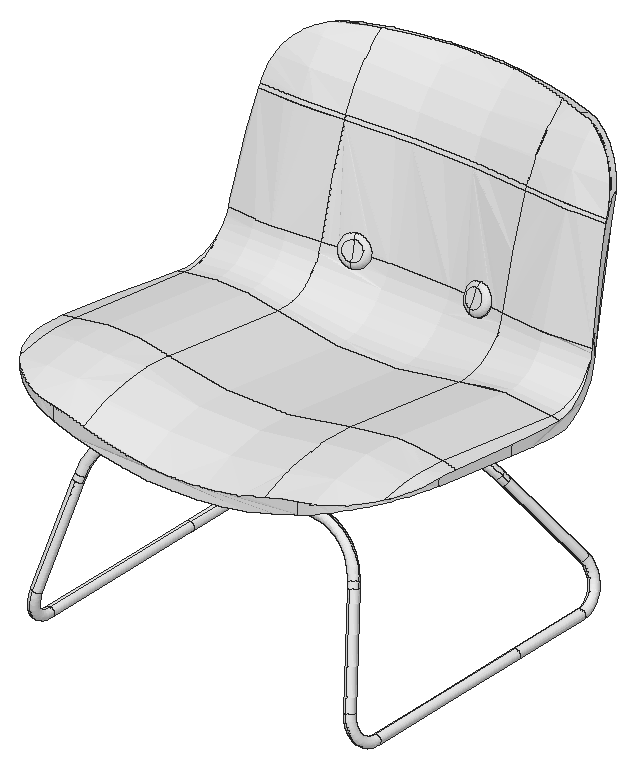
Revit family "HighTower_Eyes_Lounge_Sled", category Furniture, Revit 2015
Parameters
  Width = 2' - 1 1/2"  # constant formula
  URL = "www.hightoweraccess.com"
  Seat Height = 1' - 3 1/4"  # constant formula
  Product URL = "http://www.hightoweraccess.com/product/Eyes-Lounge/"
  Model = "EJ300S"
  Manufacturer = "HighTower"
  Height = 2' - 4 1/2"  # constant formula
  Description = "Eyes, Lounge, Sled"
  Depth = 2' - 4 1/2"  # constant formula
  Upholstery [instance] = Furniture - HIGH TOWER - Eyes - Upholstery
  Leg [instance] = Furniture - HIGH TOWER - Eyes - Leg
  Assembly Description = "Furniture & Accessories"
  Assembly Code = "E2020200"
Reference planes (in)
  plane 1 "Center Front/Back": y = -0.7524
  plane 2: z = 0
  plane 3 "Center Left/Right": x = 0
  plane 4: x = -10
  plane 5: x = 10
  plane 6 "t": z = 32.5
  plane 7: y = -12.5024
  plane 8: y = 10.9976
  plane 9: z = 18
  plane 10: y = -5.07893
  plane 11: through (0, -15.33394, 47.37114) normal (0, 0.9781, -0.2079)
  plane 12: x = -11
  plane 13: through (-11.04731, -180, 0.25736) normal (-0.9312, 0, 0.3646)
Forms (in)
  Sweep 1, solid, material "Furniture - HIGH TOWER - Eyes - Leg" <- "Leg"
    path origin (-10.68004, 0, 2.04657) x (0, 1, 0) y (0.201078, 0, 0.979575)
      loop
        line (2.7476, -1.82652) -> (-9.07, -1.82652)
        arc (-9.07, -1.82652) -> (-10.4705, -1.12061) -> (-10.7361, 0.42508) r 1.74222
        line (-10.7361, 0.42508) -> (-8.77932, 6.82542)
    profile origin (-11.04731, -3.1612, 0.25736) x (-0.201078, 0, -0.979575) y (0.979575, 0, -0.201078)
      loop
        circle (0, 0) r 0.3125
  Sweep 2, solid, material "Furniture - HIGH TOWER - Eyes - Leg" <- "Leg"
    path origin (-10.37077, 0, 1.95396) x (0, 1, 0) y (0.370396, 0, 0.928874)
      loop
        line (5.86122, 6.82542) -> (9.72443, 0.8766)
        arc (9.72443, 0.8766) -> (9.79469, -0.91155) -> (8.25676, -1.82652) r 1.75
        line (8.25676, -1.82652) -> (2.7476, -1.82652)
    profile origin (-11.04731, 5.50218, 0.25736) x (-0.370396, 0, -0.928874) y (0.928874, 0, -0.370396)
      loop
        circle (0, 0) r 0.3125
  Sweep 3, solid, material "Furniture - HIGH TOWER - Eyes - Leg" <- "Leg"
    path origin (10.37077, 0, 1.95396) x (0, 1, 0) y (0.370396, 0, -0.928874)
      loop
        line (5.86122, -6.82542) -> (9.72443, -0.8766)
        arc (9.72443, -0.8766) -> (9.79469, 0.91155) -> (8.25676, 1.82652) r 1.75
        line (8.25676, 1.82652) -> (2.7476, 1.82652)
    profile origin (11.04731, 5.50218, 0.25736) x (-0.370396, 0, 0.928874) y (-0.928874, 0, -0.370396)
      loop
        circle (0, 0) r 0.3125
  Sweep 4, solid, material "Furniture - HIGH TOWER - Eyes - Leg" <- "Leg"
    path origin (10.68004, 0, 2.04657) x (0, 1, 0) y (0.201078, 0, -0.979575)
      loop
        line (2.7476, 1.82652) -> (-9.07, 1.82652)
        arc (-9.07, 1.82652) -> (-10.4705, 1.12061) -> (-10.7361, -0.42508) r 1.74222
        line (-10.7361, -0.42508) -> (-8.77932, -6.82542)
    profile origin (11.04731, -3.1612, 0.25736) x (-0.201078, 0, 0.979575) y (-0.979575, 0, -0.201078)
      loop
        circle (0, 0) r 0.3125
  Sweep 5, solid, material "Furniture - HIGH TOWER - Eyes - Leg" <- "Leg"
    path origin (0, -11.32443, 0.23311) x (-1, 0, 0) y (0, 0.286859, 0.957973)
      loop
        line (-9.30919, 8.87737) -> (-9.22821, 9.27188)
        arc (-9.22821, 9.27188) -> (-8.0118, 11.28041) -> (-5.7997, 12.0681) r 3.5
        line (-5.7997, 12.0681) -> (5.7997, 12.0681)
        arc (5.7997, 12.0681) -> (8.0118, 11.28041) -> (9.22821, 9.27188) r 3.5
        line (9.22821, 9.27188) -> (9.30919, 8.87737)
    profile origin (0, -7.86259, 11.79403) x (0, 0.286859, 0.957973) y (0, 0.957973, -0.286859)
      loop
        circle (0, 0) r 0.3125
  Sweep 6, solid, material "Furniture - HIGH TOWER - Eyes - Leg" <- "Leg"
    path origin (0, 10.69711, 1.37332) x (-1, 0, 0) y (0, -0.573004, 0.819552)
      loop
        line (-7.84267, 8.44278) -> (-7.66239, 8.99442)
        arc (-7.66239, 8.99442) -> (-6.57209, 10.49106) -> (-4.8108, 11.0625) r 3
        line (-4.8108, 11.0625) -> (4.8108, 11.0625)
        arc (4.8108, 11.0625) -> (6.57209, 10.49106) -> (7.66239, 8.99442) r 3
        line (7.66239, 8.99442) -> (7.84267, 8.44278)
    profile origin (0, 4.35825, 10.43961) x (0, -0.573004, 0.819552) y (0, 0.819552, 0.573004)
      loop
        circle (0, 0) r 0.3125
Cuts and joins
  joined: Sweep 1, Sweep 2
  joined: Sweep 3, Sweep 4
Dimensions and locks (in)
  equal spacing: plane 4, plane 3 "Center Left/Right", plane 5
  equal spacing: plane 8, plane 1 "Center Front/Back", plane 7
Automatic sketch dimensions
  plane 7 to Sweep 1 sketch curve = 0' - 1.7663"
  Sweep 1 sketch curve to Sweep 1 sketch curve = 0' - 1.6661"
  plane 10 to Sweep 1 sketch curve = 0' - 3.70038"
  Sweep 1 sketch curve to plane 1 "Center Front/Back" = 0' - 3 1/2"
  Sweep 1 sketch curve to Sweep 1 sketch curve = 0' - 1.74222"
  Sweep 1 sketch curve to Sweep 1 sketch curve = 0' - 6.40034"
  Sweep 1 sketch curve to profile plane = 0' - 0"  (x2)
  Sweep 2 sketch curve to plane 1 "Center Front/Back" = 0' - 3 1/2"
  Sweep 2 sketch curve to plane 8 = 0' - 5.13638"
  Sweep 2 sketch curve to plane 8 = 0' - 2.74084"
  Sweep 2 sketch curve to plane 8 = 0' - 1.27317"
  Sweep 2 sketch curve to Sweep 2 sketch curve = 0' - 1 3/4"
  Sweep 2 sketch curve to Sweep 2 sketch curve = 0' - 5.94882"
  Sweep 2 sketch curve to profile plane = 0' - 0"  (x2)
  Sweep 3 sketch curve to plane 1 "Center Front/Back" = 0' - 3 1/2"
  Sweep 3 sketch curve to plane 8 = 0' - 5.13638"
  Sweep 3 sketch curve to plane 8 = 0' - 2.74084"
  Sweep 3 sketch curve to plane 8 = 0' - 1.27317"
  Sweep 3 sketch curve to Sweep 3 sketch curve = 0' - 5.94882"
  Sweep 3 sketch curve to Sweep 3 sketch curve = 0' - 0 61/64"
  Sweep 3 sketch curve to profile plane = 0' - 0"
  profile plane to Sweep 3 sketch curve = 0' - 0"
  plane 7 to Sweep 4 sketch curve = 0' - 1.7663"
  Sweep 4 sketch curve to Sweep 4 sketch curve = 0' - 1.6661"
  plane 10 to Sweep 4 sketch curve = 0' - 3.70038"
  Sweep 4 sketch curve to plane 1 "Center Front/Back" = 0' - 3 1/2"
  Sweep 4 sketch curve to Sweep 4 sketch curve = 0' - 6.40034"
  Sweep 4 sketch curve to Sweep 4 sketch curve = 0' - 0.50938"
  Sweep 4 sketch curve to profile plane = 0' - 0"
  profile plane to Sweep 4 sketch curve = 0' - 0"
  profile plane to Sweep 6 sketch curve = 0' - 0"
  Sweep 6 sketch curve to profile plane = 0' - 0"
  plane 5 to Sweep 6 sketch curve = 0' - 2.15733"
  Sweep 6 sketch curve to Sweep 6 sketch curve = 0' - 0.18028"  (x2)
  Sweep 6 sketch curve to Sweep 6 sketch curve = 0' - 2.85158"
  Sweep 6 sketch curve to plane 3 "Center Left/Right" = 0' - 4.8108"
  plane 4 to Sweep 6 sketch curve = 0' - 2.33761"
  Sweep 6 sketch curve to Sweep 6 sketch curve = 0' - 0"
  Sweep 6 sketch curve to Sweep 6 sketch curve = 0' - 0.38028"  (x2)
  Sweep 6 sketch curve to Sweep 6 sketch curve = 0' - 0.55164"
  plane 5 to Sweep 5 sketch curve = 0' - 0.69081"
  Sweep 5 sketch curve to Sweep 5 sketch curve = 0' - 0.08098"  (x2)
  plane 5 to Sweep 5 sketch curve = 0' - 4.2003"
  plane 4 to Sweep 5 sketch curve = 0' - 4.2003"
  plane 4 to Sweep 5 sketch curve = 0' - 0.77179"
  Sweep 5 sketch curve to Sweep 5 sketch curve = 0' - 0"
  Sweep 5 sketch curve to Sweep 5 sketch curve = 0' - 0.30927"  (x2)
  Sweep 5 sketch curve to Sweep 5 sketch curve = 0' - 0.3945"
  profile plane to Sweep 5 sketch curve = 0' - 0"  (x2)
  radius of Sweep 1 sketch curve = 0' - 0 5/16"
  radius of Sweep 2 sketch curve = 0' - 0 5/16"
  radius of Sweep 3 sketch curve = 0' - 0 5/16"
  radius of Sweep 4 sketch curve = 0' - 0 5/16"
  radius of Sweep 6 sketch curve = 0' - 0 5/16"
  radius of Sweep 5 sketch curve = 0' - 0 5/16"
Nested families (in)
  nested 1: "HighTower_Eyes_Seat2" at (0, 2.5, -4.35362), Body <- "Upholstery", type "HighTower_Eyes_Seat2"
    with Top none, Leg none, Body Furniture - HIGH TOWER - Eyes - Upholstery
Definition of nested family "HighTower_Eyes_Seat2"
  Parameters
    Width = 1' - 8"  # constant formula
    URL = "www.hightoweraccess.com"
    Top [instance] = none
    Product URL = ""
    Model = ""
    Manufacturer = "HighTower"
    Height = 2' - 8 1/2"  # constant formula
    Description = ""
    Depth = 1' - 11 1/2"  # constant formula
    Body [instance] = none
    Leg [instance] = none
    Assembly Description = ""
    Assembly Code = ""
  Reference planes (in)
    plane 1 "Center Front/Back": y = -0.7524
    plane 2: z = 0
    plane 3 "Center Left/Right": x = 0
    plane 4: x = -10
    plane 5: x = 10
    plane 6 "t": z = 32.5
    plane 7: y = -12.5024
    plane 8: y = 10.9976
    plane 9: z = 18
    plane 10: y = -5.07893
    plane 11: through (0, -15.33394, 47.37114) normal (0, 0.9781, -0.2079)
    plane 12: through (0, 27.09833, 11.38849) normal (0, 0.9998, -0.0175)
    plane 13: through (0, 3.33033, 11.01349) normal (0, 0.9998, -0.0175)
    plane 14: through (0, 1.64402, 17.17622) normal (0, 0.9986, -0.0523)
  Forms (in)
    Extrusion 1, solid, material <- "Body"
      sketch origin (0, 0, 0) x (0, 1, 0) y (0, 0, 1)
        loop
          line (15.7923, 35.87616) -> (-15.44415, 35.87616) -> (-15.44415, 11.74825) -> (15.7923, 11.74825) -> (15.7923, 35.87616)
      from -14.39295 to 14.41889
    Extrusion 2, void
      sketch origin (0, 0, 0) x (0, 1, 0) y (0, 0, 1)
        loop
          line (15.28202, 24.79873) -> (6.78196, 9.46422) -> (18.03196, 9.46422) -> (18.03196, 24.21422) -> (15.28202, 24.79873)
      from -15.42884 to 12
    Revolve 3, solid, material <- "Body"
      sketch origin (-1.44054, -0.30272, 0.37236) x (-0.258819, 0.965926, 0) y (0, 0, 1)
        loop
          line (6.14548, 20.43432) -> (6.45209, 21.23308) -> (6.33539, 21.27788)
          arc (6.33539, 21.27788) -> (6.23975, 21.27537) -> (6.1739, 21.20598) r 0.125
          line (6.1739, 21.20598) -> (5.91208, 20.52392) -> (6.14548, 20.43432)
        axis (6.14548, 20.43432) -> (5.91208, 20.52392)
      angle from 0 to 360
    Revolve 4, solid, material <- "Body"
      sketch origin (1.44054, -0.30272, 0.37236) x (0.258819, 0.965926, 0) y (0, 0, -1)
        loop
          line (6.14548, -20.43432) -> (5.91208, -20.52392) -> (6.1739, -21.20598)
          arc (6.1739, -21.20598) -> (6.23975, -21.27537) -> (6.33539, -21.27788) r 0.125
          line (6.33539, -21.27788) -> (6.45209, -21.23308) -> (6.14548, -20.43432)
        axis (6.14548, -20.43432) -> (5.91208, -20.52392)
      angle from 0 to 360
    Blend 5, void
      base sketch origin (0, -13.91157, 6.8433) x (-1, 0, 0) y (0, 0.34202, 0.939693)
        loop
          line (14.95504, 25.12861) -> (14.95504, 34.15488) -> (-14.95504, 34.15488) -> (-14.95504, 25.12861) -> (-11.82637, 25.12861) -> (-11.53729, 27.87897)
          arc (-11.53729, 27.87897) -> (-10.28687, 30.54704) -> (-7.65377, 31.86951) r 4.5
          arc (-7.65377, 31.86951) -> (0, 32.375) -> (7.65377, 31.86951) r 58.19662
          arc (7.65377, 31.86951) -> (10.28687, 30.54704) -> (11.53729, 27.87897) r 4.5
          line (11.53729, 27.87897) -> (11.82637, 25.12861) -> (14.95504, 25.12861)
      top sketch origin (0, -13.91157, 6.8433) x (-1, 0, 0) y (0, 0.34202, 0.939693)
        loop
          line (15.43541, 24.89585) -> (15.43541, 34.21205) -> (-15.43541, 34.21205) -> (-15.43541, 24.89585) -> (-12.20624, 24.89585) -> (-11.90788, 27.73456)
          arc (-11.90788, 27.73456) -> (-10.6173, 30.48833) -> (-7.89961, 31.85327) r 4.64454
          arc (-7.89961, 31.85327) -> (0, 32.375) -> (7.89961, 31.85327) r 60.06595
          arc (7.89961, 31.85327) -> (10.6173, 30.48833) -> (11.90788, 27.73456) r 4.64454
          line (11.90788, 27.73456) -> (12.20624, 24.89585) -> (15.43541, 24.89585)
      from 9.38297 to 18.25537
    Sweep 6, void
      path origin (0, 25.3894, -6.01498) x (0, 0.999391, 0.034899) y (0, -0.034899, 0.999391)
        loop
          line (12.84328, 44.54806) -> (8.54287, 33.3451)
          arc (8.54287, 33.3451) -> (7.46129, 30.16834) -> (6.62638, 26.91803) r 43.75
          arc (6.62638, 26.91803) -> (4.10818, 23.2065) -> (-0.27983, 22.27796) r 6
          line (-0.27983, 22.27796) -> (-14.92437, 24.86019)
      profile origin (0, 24.33225, 16.23965) x (0, -0.139173, -0.990268) y (1, 0, 0)
        loop
          line (-4.10364, -16.80238) -> (9.21634, -16.80238) -> (9.21634, 16.57672) -> (-4.10364, 16.57672)
          arc (-4.10364, 16.57672) -> (1.14562, -0.11283) -> (-4.10364, -16.80238) r 29.15606
    Sweep 7, void
      path origin (0, 1.6214, -6.38998) x (0, 0.999391, 0.034899) y (0, -0.034899, 0.999391)
        loop
          line (12.84328, 44.54806) -> (8.54287, 33.3451)
          arc (8.54287, 33.3451) -> (7.46129, 30.16834) -> (6.62638, 26.91803) r 43.75
          arc (6.62638, 26.91803) -> (4.10818, 23.2065) -> (-0.27983, 22.27796) r 6
          line (-0.27983, 22.27796) -> (-10.13202, 24.01517)
          arc (-10.13202, 24.01517) -> (-12.58987, 24.5376) -> (-15.00529, 25.23021) r 36
          line (-15.00529, 25.23021) -> (-23.31052, 27.92875)
      profile origin (0, 0.56426, 15.86465) x (0, -0.139173, -0.990268) y (1, 0, 0)
        loop
          line (-4.69054, -16.80238) -> (9.21634, -16.80238) -> (9.21634, 16.57672) -> (-4.69054, 16.57672)
          arc (-4.69054, 16.57672) -> (1.14562, -0.11283) -> (-4.69054, -16.80238) r 26.78144
    Sweep 8, void
      path origin (0, -0.67124, -0.15701) x (0, 1, 0) y (0, 0, 1)
        loop
          line (22.68571, 33.80561) -> (15.46927, 33.17425)
          arc (15.46927, 33.17425) -> (11.35199, 31.59378) -> (8.69787, 28.07164) r 8
          line (8.69787, 28.07164) -> (8.5928, 27.79793)
          arc (8.5928, 27.79793) -> (7.51065, 24.61925) -> (6.67547, 21.36695) r 43.75
          arc (6.67547, 21.36695) -> (5.0529, 18.93077) -> (2.20566, 18.25186) r 4
          line (2.20566, 18.25186) -> (-7.00441, 19.55454)
          arc (-7.00441, 19.55454) -> (-13.17534, 18.80099) -> (-18.1411, 15.06074) r 12
          line (-18.1411, 15.06074) -> (-18.9493, 14.02629)
      profile origin (0, 1.53442, 18.09485) x (0, -0.140046, -0.990145) y (1, 0, 0)
        loop
          line (-0.10979, -16.12158) -> (-0.82831, -12.4467)
          arc (-0.82831, -12.4467) -> (-1.10445, -9.28873) -> (-0.71077, -6.14325) r 15
          arc (-0.71077, -6.14325) -> (0, 0.0012) -> (-0.71132, 6.14559) r 26.90374
          arc (-0.71132, 6.14559) -> (-1.10427, 9.24173) -> (-0.84802, 12.35217) r 15
          line (-0.84802, 12.35217) -> (0.24144, 18.12842) -> (-3.23771, 18.12842) -> (-3.23771, -16.12158) -> (-0.10979, -16.12158)
    Extrusion 9, void
      sketch origin (0, 0, 0) x (0, 1, 0) y (0, 0, 1)
        loop
          line (14.80415, 36.86671) -> (-17.02645, 36.86671) -> (-17.02645, 21.86671) -> (-24.57537, 21.86671) -> (2.64234, 19.96346) -> (6.6974, 31.10466) -> (9.42925, 34.36035) -> (14.80415, 36.86671)
      from -18.48946 to 17.71825
    Blend 10, void
      base sketch origin (0, 0, 32.5) x (-1, 0, 0) y (0, -1, 0)
        loop
          line (12.92842, 9.33334) -> (12.77705, 3.19225)
          arc (12.77705, 3.19225) -> (12.51032, -0.81391) -> (11.90973, -4.78377) r 48
          line (11.90973, -4.78377) -> (10.70188, -10.9976) -> (17.17727, -10.9976) -> (17.17727, 18.76875) -> (-17.17727, 18.76875) -> (-17.17727, -10.9976) -> (-10.70188, -10.9976) -> (-11.90973, -4.78377)
          arc (-11.90973, -4.78377) -> (-12.51032, -0.81391) -> (-12.77705, 3.19225) r 48
          line (-12.77705, 3.19225) -> (-12.92842, 9.33334)
          arc (-12.92842, 9.33334) -> (-11.54953, 13.01086) -> (-8.00504, 14.70264) r 5.25
          arc (-8.00504, 14.70264) -> (0, 14.95067) -> (8.00504, 14.70264) r 129.30268
          arc (8.00504, 14.70264) -> (11.54953, 13.01086) -> (12.92842, 9.33334) r 5.25
      top sketch origin (0, 0, 32.5) x (-1, 0, 0) y (0, -1, 0)
        loop
          line (13.73645, 8.98226) -> (13.57561, 2.45735)
          arc (13.57561, 2.45735) -> (13.29222, -1.7992) -> (12.65409, -6.01717) r 51
          line (12.65409, -6.01717) -> (11.37075, -12.61937) -> (18.25085, -12.61937) -> (18.25085, 19.00738) -> (-18.25085, 19.00738) -> (-18.25085, -12.61937) -> (-11.37075, -12.61937) -> (-12.65409, -6.01717)
          arc (-12.65409, -6.01717) -> (-13.29222, -1.7992) -> (-13.57561, 2.45735) r 51
          line (-13.57561, 2.45735) -> (-13.73645, 8.98226)
          arc (-13.73645, 8.98226) -> (-12.27137, 12.88963) -> (-8.50535, 14.68714) r 5.57813
          arc (-8.50535, 14.68714) -> (0, 14.95067) -> (8.50535, 14.68714) r 137.38409
          arc (8.50535, 14.68714) -> (12.27137, 12.88963) -> (13.73645, 8.98226) r 5.57813
      from 5.49375 to -28.62831
    Revolve 11, solid, material <- "Body"
      sketch origin (-2.74993, 1.81198, -0.38436) x (-0.224951, 0.969032, 0.101849) y (0, -0.104528, 0.994522)
        loop
          line (6.51714, 21.11066) -> (6.97113, 22.00167) -> (6.78954, 22.0942)
          arc (6.78954, 22.0942) -> (6.50341, 22.11672) -> (6.28517, 21.93032) r 0.375
          line (6.28517, 21.93032) -> (6.00142, 21.37344) -> (6.51714, 21.11066)
        axis (6.51714, 21.11066) -> (6.00142, 21.37344)
      angle from 0 to 360
    Revolve 12, solid, material <- "Body"
      sketch origin (2.74993, 1.81198, -0.38436) x (0.224951, 0.969032, 0.101849) y (0, 0.104528, -0.994522)
        loop
          line (6.51714, -21.11066) -> (6.00142, -21.37344) -> (6.28517, -21.93032)
          arc (6.28517, -21.93032) -> (6.50341, -22.11672) -> (6.78954, -22.0942) r 0.375
          line (6.78954, -22.0942) -> (6.97113, -22.00167) -> (6.51714, -21.11066)
        axis (6.51714, -21.11066) -> (6.00142, -21.37344)
      angle from 0 to 360
  Cuts and joins
    Extrusion 2, Blend 5, Sweep 6, Sweep 7, Sweep 8, Extrusion 9, Blend 10 cuts Extrusion 1
    Blend 5, Sweep 6, Sweep 7, Sweep 8, Extrusion 9, Blend 10 cuts Revolve 3
    Blend 5, Sweep 6, Sweep 7, Sweep 8, Extrusion 9, Blend 10 cuts Revolve 4
    joined: Extrusion 1, Revolve 3, Revolve 4, Revolve 11, Revolve 12
  Lines and regions (in)
    Masking region 1
      outline origin (0, -4.62978, 0) x (-1, 0, 0) y (0, 0, 1)
        loop
          line (12.29027, 20.14808) -> (11.60968, 27.92722)
          arc (11.60968, 27.92722) -> (10.2054, 30.90282) -> (7.20441, 32.25199) r 4.75
          arc (7.20441, 32.25199) -> (0, 32.5) -> (-7.20441, 32.25199) r 104.76268
          arc (-7.20441, 32.25199) -> (-10.2054, 30.90282) -> (-11.60968, 27.92722) r 4.75
          line (-11.60968, 27.92722) -> (-12.29027, 20.14808)
          arc (-12.29027, 20.14808) -> (-12.30996, 20.09089) -> (-12.35419, 20.04964) r 0.125
          line (-12.35419, 20.04964) -> (-12.63057, 19.89645)
          arc (-12.63057, 19.89645) -> (-12.74636, 19.78365) -> (-12.78888, 19.62769) r 0.30729
          line (-12.78888, 19.62769) -> (-12.78888, 19.39348)
          arc (-12.78888, 19.39348) -> (-12.74283, 19.03151) -> (-12.60762, 18.6926) r 1.44567
          line (-12.60762, 18.6926) -> (-12.46042, 18.42705)
          arc (-12.46042, 18.42705) -> (-12.44008, 18.39986) -> (-12.41317, 18.37915) r 0.125
          arc (-12.41317, 18.37915) -> (0, 15.07876) -> (12.41317, 18.37915) r 24.99393
          arc (12.41317, 18.37915) -> (12.44008, 18.39986) -> (12.46042, 18.42705) r 0.125
          line (12.46042, 18.42705) -> (12.60762, 18.6926)
          arc (12.60762, 18.6926) -> (12.74283, 19.03151) -> (12.78888, 19.39348) r 1.44567
          line (12.78888, 19.39348) -> (12.78888, 19.62769)
          arc (12.78888, 19.62769) -> (12.74636, 19.78365) -> (12.63057, 19.89645) r 0.30729
          line (12.63057, 19.89645) -> (12.35419, 20.04964)
          arc (12.35419, 20.04964) -> (12.30996, 20.09089) -> (12.29027, 20.14808) r 0.125
    Masking region 2
      outline origin (0, 0, 0) x (0, 1, 0) y (0, 0, 1)
        loop
          line (8.44542, 19.63027) -> (12.98767, 32.11001)
          arc (12.98767, 32.11001) -> (12.95027, 32.34877) -> (12.72828, 32.44432) r 0.25
          line (12.72828, 32.44432) -> (12.27135, 32.39938)
          arc (12.27135, 32.39938) -> (10.07671, 31.58899) -> (8.55948, 29.80821) r 4.6248
          line (8.55948, 29.80821) -> (4.47197, 21.34539)
          arc (4.47197, 21.34539) -> (3.15124, 19.93331) -> (1.26219, 19.52126) r 3.25
          line (1.26219, 19.52126) -> (-9.62396, 20.47367)
          arc (-9.62396, 20.47367) -> (-11.53046, 20.4071) -> (-13.36423, 19.88127) r 7.82668
          line (-13.36423, 19.88127) -> (-13.69416, 19.74123)
          arc (-13.69416, 19.74123) -> (-14.37538, 19.24174) -> (-14.76215, 18.49077) r 1.84274
          line (-14.76215, 18.49077) -> (-14.90645, 17.912)
          arc (-14.90645, 17.912) -> (-14.87766, 17.72192) -> (-14.72246, 17.60847) r 0.25
          arc (-14.72246, 17.60847) -> (-6.75869, 16.01495) -> (1.30505, 15.04704) r 104.11252
          arc (1.30505, 15.04704) -> (5.64877, 16.13353) -> (8.44542, 19.63027) r 7
    Masking region 3
      outline origin (0, 0, 32.5) x (-1, 0, 0) y (0, -1, 0)
        loop
          arc (12.78965, 9.43467) -> (11.52472, 12.93663) -> (8.1902, 14.59334) r 5
          arc (8.1902, 14.59334) -> (0, 14.91942) -> (-8.1902, 14.59334) r 103.01998
          arc (-8.1902, 14.59334) -> (-11.52472, 12.93663) -> (-12.78965, 9.43467) r 5
          line (-12.78965, 9.43467) -> (-12.25434, -5.89453)
          arc (-12.25434, -5.89453) -> (-11.2732, -8.97872) -> (-8.83279, -11.10458) r 6
          arc (-8.83279, -11.10458) -> (0, -13.09614) -> (8.83279, -11.10458) r 20.58295
          arc (8.83279, -11.10458) -> (11.2732, -8.97872) -> (12.25434, -5.89453) r 6
          line (12.25434, -5.89453) -> (12.78965, 9.43467)
    symbolic lines
      curve 1: spline (-4.31857, -4.62978, 20.40639) -> (-4.56754, -4.62978, 20.48489) -> (-4.78771, -4.62978, 20.62515) -> (-4.96407, -4.62978, 20.81762) -> (-5.08461, -4.62978, 21.04918) -> (-5.14112, -4.62978, 21.30404) -> (-5.12973, -4.62978, 21.56485) -> (-5.05123, -4.62978, 21.81382) -> (-4.91097, -4.62978, 22.03399) -> (-4.7185, -4.62978, 22.21035) -> (-4.48694, -4.62978, 22.33089) -> (-4.23208, -4.62978, 22.38739) -> (-3.97127, -4.62978, 22.37601) -> (-3.7223, -4.62978, 22.29751) -> (-3.50213, -4.62978, 22.15724) -> (-3.32577, -4.62978, 21.96478) -> (-3.20523, -4.62978, 21.73322) -> (-3.14873, -4.62978, 21.47835) -> (-3.16011, -4.62978, 21.21755) -> (-3.23861, -4.62978, 20.96858) -> (-3.37888, -4.62978, 20.74841) -> (-3.57135, -4.62978, 20.57205) -> (-3.8029, -4.62978, 20.45151) -> (-4.05777, -4.62978, 20.395) -> (-4.31857, -4.62978, 20.40639)
      curve 2: arc (-9.019, -4.62978, 20.30292) -> (0, -4.62978, 19.26311) -> (9.019, -4.62978, 20.30292) r 39.6341
      curve 3: arc (-11.90889, -4.62978, 20.20462) -> (-10.47046, -4.62978, 20.4453) -> (-9.019, -4.62978, 20.30292) r 5.54941
      curve 4: arc (9.019, -4.62978, 20.30292) -> (10.47046, -4.62978, 20.4453) -> (11.90889, -4.62978, 20.20462) r 5.54941
      curve 5: arc (8.61822, 10.65296, 32.5) -> (0, 12.59614, 32.5) -> (-8.61822, 10.65296, 32.5) r 20.08295
      curve 6: arc (-8.61822, 10.65296, 32.5) -> (-11.01193, 8.71362, 32.5) -> (-12.25434, 5.89453, 32.5) r 6.55017
      curve 7: arc (8.61822, 10.65296, 32.5) -> (11.01193, 8.71362, 32.5) -> (12.25434, 5.89453, 32.5) r 6.55017
      curve 8: spline (-5.18348, 5.87795, 32.5) -> (-5.16647, 5.99107, 32.5) -> (-5.07893, 6.10912, 32.5) -> (-4.92684, 6.22405, 32.5) -> (-4.72056, 6.32804, 32.5) -> (-4.47413, 6.41399, 32.5) -> (-4.20437, 6.47606, 32.5) -> (-3.92965, 6.51, 32.5) -> (-3.66869, 6.51351, 32.5) -> (-3.43928, 6.48635, 32.5) -> (-3.25705, 6.43036, 32.5) -> (-3.13442, 6.34937, 32.5) -> (-3.07974, 6.2489, 32.5) -> (-3.09675, 6.13578, 32.5) -> (-3.18429, 6.01773, 32.5) -> (-3.33638, 5.90279, 32.5) -> (-3.54267, 5.79881, 32.5) -> (-3.78909, 5.71285, 32.5) -> (-4.05885, 5.65079, 32.5) -> (-4.33358, 5.61684, 32.5) -> (-4.59453, 5.61333, 32.5) -> (-4.82395, 5.6405, 32.5) -> (-5.00618, 5.69648, 32.5) -> (-5.12881, 5.77747, 32.5) -> (-5.18348, 5.87795, 32.5)
      curve 9: spline (5.18348, 5.87795, 32.5) -> (5.16647, 5.99107, 32.5) -> (5.07893, 6.10912, 32.5) -> (4.92684, 6.22405, 32.5) -> (4.72056, 6.32804, 32.5) -> (4.47413, 6.41399, 32.5) -> (4.20437, 6.47606, 32.5) -> (3.92965, 6.51, 32.5) -> (3.66869, 6.51351, 32.5) -> (3.43928, 6.48635, 32.5) -> (3.25705, 6.43036, 32.5) -> (3.13442, 6.34937, 32.5) -> (3.07974, 6.2489, 32.5) -> (3.09675, 6.13578, 32.5) -> (3.18429, 6.01773, 32.5) -> (3.33638, 5.90279, 32.5) -> (3.54267, 5.79881, 32.5) -> (3.78909, 5.71285, 32.5) -> (4.05885, 5.65079, 32.5) -> (4.33358, 5.61684, 32.5) -> (4.59453, 5.61333, 32.5) -> (4.82395, 5.6405, 32.5) -> (5.00618, 5.69648, 32.5) -> (5.12881, 5.77747, 32.5) -> (5.18348, 5.87795, 32.5)
      curve 10: spline (4.31857, -4.62978, 20.40639) -> (4.56754, -4.62978, 20.48489) -> (4.78771, -4.62978, 20.62515) -> (4.96407, -4.62978, 20.81762) -> (5.08461, -4.62978, 21.04918) -> (5.14112, -4.62978, 21.30404) -> (5.12973, -4.62978, 21.56485) -> (5.05123, -4.62978, 21.81382) -> (4.91097, -4.62978, 22.03399) -> (4.7185, -4.62978, 22.21035) -> (4.48694, -4.62978, 22.33089) -> (4.23208, -4.62978, 22.38739) -> (3.97127, -4.62978, 22.37601) -> (3.7223, -4.62978, 22.29751) -> (3.50213, -4.62978, 22.15724) -> (3.32577, -4.62978, 21.96478) -> (3.20523, -4.62978, 21.73322) -> (3.14873, -4.62978, 21.47835) -> (3.16011, -4.62978, 21.21755) -> (3.23861, -4.62978, 20.96858) -> (3.37888, -4.62978, 20.74841) -> (3.57135, -4.62978, 20.57205) -> (3.8029, -4.62978, 20.45151) -> (4.05777, -4.62978, 20.395) -> (4.31857, -4.62978, 20.40639)
      curve 11: line (-12.78849, -4.62978, 19.35996) -> (-12.35895, -4.62978, 19.35996)
      curve 12: arc (-10.62915, -4.62978, 19.1052) -> (0, -4.62978, 17.53978) -> (10.62915, -4.62978, 19.1052) r 36.86837
      curve 13: line (12.78849, -4.62978, 19.35996) -> (12.35895, -4.62978, 19.35996)
      curve 14: arc (-12.35895, -4.62978, 19.35996) -> (-11.48472, -4.62978, 19.29593) -> (-10.62915, -4.62978, 19.1052) r 6
      curve 15: arc (10.62915, -4.62978, 19.1052) -> (11.48472, -4.62978, 19.29593) -> (12.35895, -4.62978, 19.35996) r 6
      curve 16: line (-12.78836, -4.62978, 19.60996) -> (-12.35895, -4.62978, 19.60996)
      curve 17: arc (-12.35895, -4.62978, 19.60996) -> (-11.44829, -4.62978, 19.54326) -> (-10.55707, -4.62978, 19.34459) r 6.25
      curve 18: arc (-10.55707, -4.62978, 19.34459) -> (0, -4.62978, 17.78978) -> (10.55707, -4.62978, 19.34459) r 36.61837
      curve 19: arc (10.55707, -4.62978, 19.34459) -> (11.44829, -4.62978, 19.54326) -> (12.35895, -4.62978, 19.60996) r 6.25
      curve 20: line (12.78836, -4.62978, 19.60996) -> (12.35895, -4.62978, 19.60996)
      curve 21: line (0, 9.40412, 30.4681) -> (0, 4.9698, 20.95868)
      curve 22: line (0, 1.26911, 18.82208) -> (0, -9.95725, 19.80426)
      curve 23: line (0, -12.46555, 19.76048) -> (0, -13.39743, 19.64606)
      curve 24: arc (0, 9.40412, 30.4681) -> (0, 10.26056, 31.58424) -> (0, 11.50846, 32.23385) r 3.25
      curve 25: arc (0, 4.9698, 20.95868) -> (0, 3.45629, 19.30697) -> (0, 1.26911, 18.82208) r 3.72505
      curve 26: arc (0, -9.95725, 19.80426) -> (0, -11.21254, 19.84809) -> (0, -12.46555, 19.76048) r 12
      curve 27: arc (0, -13.39743, 19.64606) -> (0, -14.26224, 19.26102) -> (0, -14.76389, 18.45821) r 1.61892
      curve 28: line (0, -14.61056, 17.58157) -> (0, -14.40167, 18.36115)
      curve 29: arc (0, -13.35173, 19.27385) -> (0, -14.01622, 18.978) -> (0, -14.40167, 18.36115) r 1.24392
      curve 30: line (0, -12.41985, 19.38827) -> (0, -13.35173, 19.27385)
      curve 31: arc (0, -9.98993, 19.43069) -> (0, -11.206, 19.47315) -> (0, -12.41985, 19.38827) r 11.625
      curve 32: line (0, 1.23642, 18.44851) -> (0, -9.98993, 19.43069)
      curve 33: arc (0, 5.30967, 20.8002) -> (0, 3.64379, 18.98221) -> (0, 1.23642, 18.44851) r 4.10005
      curve 34: line (0, 9.79698, 30.42328) -> (0, 5.30967, 20.8002)
      curve 35: line (0, 12.98126, 32.09238) -> (0, 12.0202, 31.99788)
      curve 36: arc (0, 12.0202, 31.99788) -> (0, 10.6999, 31.50523) -> (0, 9.79698, 30.42328) r 2.75
  Dimensions and locks (in)
    equal spacing: plane 4, plane 3 "Center Left/Right", plane 5
    equal spacing: plane 8, plane 1 "Center Front/Back", plane 7
    "Width": plane 4 to plane 5
    "Depth": plane 8 to plane 7
    "Height": plane 6 "t" to level
  Automatic sketch dimensions
    Extrusion 1 sketch curve to plane 7 = 0' - 2.94175"
    plane 8 to Extrusion 1 sketch curve = 0' - 4.7947"
    plane 9 to Extrusion 1 sketch curve = 0' - 6.25175"
    plane 6 "t" to Extrusion 1 sketch curve = 0' - 3.37616"
    Extrusion 2 sketch curve to plane 8 = 0' - 4.21564"
    plane 8 to Extrusion 2 sketch curve = 0' - 4.28442"
    Extrusion 2 sketch curve to Extrusion 2 sketch curve = 0' - 2.74994"
    plane 9 to Extrusion 2 sketch curve = 0' - 8.53578"
    Extrusion 2 sketch curve to plane 9 = 0' - 6.21422"
    Extrusion 2 sketch curve to Extrusion 2 sketch curve = 0' - 0.58452"
    Revolve 3 sketch curve to plane 9 = 0' - 2.89627"
    Revolve 3 sketch curve to plane 9 = 0' - 2.8511"
    Revolve 3 sketch curve to Revolve 3 sketch curve = 0' - 0.11769"
    Revolve 3 sketch curve to plane 9 = 0' - 2.80668"  (x2)
    Revolve 3 sketch curve to Revolve 3 sketch curve = 0' - 0.1157"
    Revolve 3 sketch curve to Revolve 3 sketch curve = 0' - 0"
    Revolve 3 sketch curve to Revolve 3 sketch curve = 0' - 0.26182"
    Revolve 3 sketch curve to Revolve 3 sketch curve = 0' - 0.1167"
    Revolve 3 sketch curve to Revolve 3 sketch curve = 0' - 0.0448"
    Revolve 3 sketch curve to plane 9 = 0' - 3.60544"
    Revolve 4 sketch curve to plane 9 = 0' - 2.89627"
    Revolve 4 sketch curve to plane 9 = 0' - 2.8511"
    Revolve 4 sketch curve to Revolve 4 sketch curve = 0' - 0.11769"
    Revolve 4 sketch curve to plane 9 = 0' - 2.80668"  (x2)
    Revolve 4 sketch curve to Revolve 4 sketch curve = 0' - 0.1157"
    Revolve 4 sketch curve to Revolve 4 sketch curve = 0' - 0"
    Revolve 4 sketch curve to Revolve 4 sketch curve = 0' - 0.26182"
    Revolve 4 sketch curve to Revolve 4 sketch curve = 0' - 0.1167"
    Revolve 4 sketch curve to Revolve 4 sketch curve = 0' - 0.0448"
    Revolve 4 sketch curve to plane 9 = 0' - 3.60544"
    Sweep 6 sketch curve to plane 9 = 0' - 0.30921"
    Sweep 6 sketch curve to plane 8 = 0' - 1.39109"
    Sweep 6 sketch curve to Sweep 6 sketch curve = 1' - 2 165/256"
    Sweep 6 sketch curve to Sweep 6 sketch curve = 0' - 1.04189"
    Sweep 6 sketch curve to Sweep 6 sketch curve = 0' - 5.86432"
    Sweep 6 sketch curve to Sweep 6 sketch curve = 0' - 0"
    Sweep 6 sketch curve to Sweep 6 sketch curve = 0' - 1.91649"
    Sweep 6 sketch curve to Sweep 6 sketch curve = 0' - 4.30042"
    Sweep 6 sketch curve to Sweep 6 sketch curve = 3' - 4.84414"
    Sweep 6 sketch curve to Sweep 6 sketch curve = 0' - 2.58223"
    Sweep 6 sketch curve to Sweep 6 sketch curve = 0' - 4.61146"
    Sweep 6 sketch curve to Sweep 6 sketch curve = 0' - 11.20297"
    Sweep 6 sketch curve to plane 3 "Center Left/Right" = 0' - 0.11283"
    profile plane to Sweep 6 sketch curve = 2' - 4.01044"
    profile plane to Sweep 6 sketch curve = 0' - 4.10364"  (x2)
    Sweep 6 sketch curve to profile plane = 0' - 9.21634"
    Sweep 6 sketch curve to plane 3 "Center Left/Right" = 1' - 4.80238"
    Sweep 7 sketch curve to plane 3 "Center Left/Right" = 0' - 0.11283"
    profile plane to Sweep 7 sketch curve = 2' - 1.63582"
    profile plane to Sweep 7 sketch curve = 0' - 4.69054"  (x2)
    Sweep 7 sketch curve to profile plane = 0' - 9.21634"
    Sweep 7 sketch curve to plane 3 "Center Left/Right" = 1' - 4.80238"
    Sweep 8 sketch curve to plane 3 "Center Left/Right" = 0' - 0"
    profile plane to Sweep 8 sketch curve = 2' - 2.90374"
    profile plane to Sweep 8 sketch curve = 0' - 3.23771"
    profile plane to Sweep 8 sketch curve = 0' - 0.84802"
    profile plane to Sweep 8 sketch curve = 0' - 0.82831"
    profile plane to Sweep 8 sketch curve = 0' - 0.71132"
    Sweep 8 sketch curve to Sweep 8 sketch curve = 0' - 0"  (x3)
    profile plane to Sweep 8 sketch curve = 0' - 0.71077"
    profile plane to Sweep 8 sketch curve = 0' - 0.10979"
    Sweep 8 sketch curve to profile plane = 0' - 0.24144"
    Sweep 8 sketch curve to profile plane = 1' - 1.89209"
    Sweep 8 sketch curve to profile plane = 1' - 1.89294"
    Sweep 8 sketch curve to plane 3 "Center Left/Right" = 0' - 6.14325"
    Sweep 8 sketch curve to Sweep 8 sketch curve = 0' - 3.67488"
    Sweep 8 sketch curve to Sweep 8 sketch curve = 0' - 5.77626"
    Extrusion 9 sketch curve to plane 7 = 0' - 4.52405"
    Extrusion 9 sketch curve to plane 7 = 1' - 0.07297"
    Extrusion 9 sketch curve to plane 1 "Center Front/Back" = 0' - 3.39474"
    Extrusion 9 sketch curve to plane 6 "t" = 0' - 1.39534"
    Extrusion 9 sketch curve to plane 8 = 0' - 4.3002"
    Extrusion 9 sketch curve to plane 8 = 0' - 1.56835"
    plane 8 to Extrusion 9 sketch curve = 0' - 3.80655"
    Extrusion 9 sketch curve to plane 9 = 0' - 3.86671"
    Extrusion 9 sketch curve to plane 9 = 0' - 1.96346"
    plane 6 "t" to Extrusion 9 sketch curve = 0' - 1.86035"
    plane 6 "t" to Extrusion 9 sketch curve = 0' - 4.36671"
    Sweep 8 sketch curve to plane 7 = 0' - 7.11814"
    plane 9 to Sweep 8 sketch curve = 0' - 3.09627"
    Sweep 8 sketch curve to Sweep 8 sketch curve = 0' - 0.8082"
    plane 7 to Sweep 8 sketch curve = 0' - 3.14619"
    plane 10 to Sweep 8 sketch curve = 0' - 2.59672"
    Sweep 8 sketch curve to plane 9 = 0' - 0.09485"
    Sweep 8 sketch curve to plane 1 "Center Front/Back" = 0' - 2.28682"
    Sweep 8 sketch curve to plane 1 "Center Front/Back" = 0' - 2.847"
    Sweep 8 sketch curve to plane 9 = 0' - 3.20994"
    Sweep 8 sketch curve to Sweep 8 sketch curve = 0' - 3.90962"
    Sweep 8 sketch curve to plane 8 = 0' - 3.07604"
    Sweep 8 sketch curve to plane 8 = 0' - 2.97097"
    plane 6 "t" to Sweep 8 sketch curve = 0' - 0.51724"
    plane 8 to Sweep 8 sketch curve = 0' - 3.80043"
    plane 8 to Sweep 8 sketch curve = 0' - 4.49767"
    plane 6 "t" to Sweep 8 sketch curve = 0' - 1.1486"
    Sweep 8 sketch curve to Sweep 8 sketch curve = 0' - 7.21644"
    plane 9 to Sweep 8 sketch curve = 0' - 6.03768"
    level to Sweep 8 sketch curve = 0' - 7.51579"
    Sweep 8 sketch curve to Sweep 8 sketch curve = 0' - 1.03445"
    Sweep 8 sketch curve to plane 6 "t" = 0' - 7.45232"
    Blend 10 sketch curve to plane 8 = 0' - 0"  (x2)
    Blend 10 sketch curve to plane 3 "Center Left/Right" = 0' - 0"  (x2)
    plane 5 to Blend 10 sketch curve = 0' - 2.31998"
    plane 5 to Blend 10 sketch curve = 0' - 1.99496"
    Blend 10 sketch curve to Blend 10 sketch curve = 0' - 0"  (x4)
    Blend 10 sketch curve to plane 5 = 0' - 0.70188"
    Blend 10 sketch curve to plane 5 = 0' - 1.90973"
    Blend 10 sketch curve to plane 10 = 0' - 1.88668"  (x2)
    Blend 10 sketch curve to Blend 10 sketch curve = 0' - 0.86732"  (x2)
    Blend 10 sketch curve to plane 5 = 0' - 2.92842"
    Blend 10 sketch curve to plane 5 = 0' - 7.17727"
    Blend 10 sketch curve to plane 10 = 0' - 0.70387"  (x2)
    Blend 10 sketch curve to Blend 10 sketch curve = 1' - 10.43133"  (x2)
    plane 4 to Blend 10 sketch curve = 0' - 2.31998"
    plane 4 to Blend 10 sketch curve = 0' - 1.99496"
    Blend 10 sketch curve to plane 4 = 0' - 0.70188"
    Blend 10 sketch curve to plane 4 = 0' - 1.90973"
    Blend 10 sketch curve to plane 4 = 0' - 2.92842"
    Blend 10 sketch curve to plane 4 = 0' - 7.17727"
    plane 8 to Blend 10 sketch curve = 8' - 7.3544"
    Blend 10 sketch curve to Blend 10 sketch curve = 0' - 6.14109"
    Blend 10 sketch curve to plane 7 = 0' - 6.26635"
    Blend 10 sketch curve to plane 5 = 0' - 1.37075"
    Blend 10 sketch curve to plane 5 = 0' - 2.65409"
    plane 1 "Center Front/Back" to Blend 10 sketch curve = 0' - 1.70495"  (x2)
    Blend 10 sketch curve to plane 10 = 0' - 1.36485"  (x2)
    Blend 10 sketch curve to Blend 10 sketch curve = 1' - 11.83329"  (x2)
    Blend 10 sketch curve to plane 4 = 0' - 1.37075"
    Blend 10 sketch curve to plane 4 = 0' - 2.65409"
    plane 10 to Blend 10 sketch curve = 0' - 3.90332"
    plane 8 to Blend 10 sketch curve = 0' - 1.62177"  (x2)
    Blend 10 sketch curve to plane 7 = 0' - 6.50498"
    Blend 10 sketch curve to Blend 10 sketch curve = 0' - 0.92153"  (x2)
    Blend 10 sketch curve to plane 5 = 0' - 3.73645"
    Blend 10 sketch curve to plane 5 = 0' - 8.25085"
    plane 5 to Blend 10 sketch curve = 0' - 1.49465"
    plane 5 to Blend 10 sketch curve = 0' - 1.83998"
    plane 4 to Blend 10 sketch curve = 0' - 1.83998"
    plane 4 to Blend 10 sketch curve = 0' - 1.49465"
    Blend 10 sketch curve to Blend 10 sketch curve = 0' - 5.57643"
    Blend 10 sketch curve to plane 4 = 0' - 8.25085"
    Blend 10 sketch curve to Blend 10 sketch curve = 9' - 1.81405"
    Blend 5 sketch curve to plane 3 "Center Left/Right" = 0' - 0"  (x2)
    plane 5 to Blend 5 sketch curve = 0' - 2.93806"
    Blend 5 sketch curve to Blend 5 sketch curve = 0' - 0.59182"  (x2)
    Blend 5 sketch curve to Blend 5 sketch curve = 0' - 0"  (x4)
    Blend 5 sketch curve to plane 5 = 0' - 1.53729"
    Blend 5 sketch curve to plane 5 = 0' - 1.82637"
    Blend 5 sketch curve to Blend 5 sketch curve = 0' - 3.12867"  (x2)
    plane 4 to Blend 5 sketch curve = 0' - 2.93806"
    Blend 5 sketch curve to plane 4 = 0' - 1.53729"
    Blend 5 sketch curve to plane 4 = 0' - 1.82637"
    Blend 5 sketch curve to Blend 5 sketch curve = 0' - 2.75037"  (x2)
    plane 5 to Blend 5 sketch curve = 0' - 2.71122"
    Blend 5 sketch curve to Blend 5 sketch curve = 0' - 0.61083"
    Blend 5 sketch curve to plane 5 = 0' - 1.90788"
    Blend 5 sketch curve to plane 5 = 0' - 2.20624"
    Blend 5 sketch curve to Blend 5 sketch curve = 0' - 3.22917"  (x2)
    plane 4 to Blend 5 sketch curve = 0' - 2.71122"
    Blend 5 sketch curve to plane 4 = 0' - 1.90788"
    Blend 5 sketch curve to plane 4 = 0' - 2.20624"
    Blend 5 sketch curve to Blend 5 sketch curve = 0' - 2.83871"  (x2)
    Blend 5 sketch curve to Blend 5 sketch curve = 4' - 2.95022"
    Blend 5 sketch curve to Blend 5 sketch curve = 0' - 6.27591"
    plane 4 to Blend 5 sketch curve = 0' - 2.10039"
    Blend 5 sketch curve to Blend 5 sketch curve = 4' - 4.5868"
    Blend 5 sketch curve to Blend 5 sketch curve = 0' - 6.4775"
    Sweep 7 sketch curve to plane 11 = 0' - 1.61229"
    Sweep 7 sketch curve to plane 9 = 0' - 2.70823"
    Sweep 7 sketch curve to Sweep 7 sketch curve = 0' - 8.30523"
    Sweep 7 sketch curve to Sweep 7 sketch curve = 0' - 4.87328"
    Sweep 7 sketch curve to Sweep 7 sketch curve = 0' - 11.12461"
    Sweep 7 sketch curve to Sweep 7 sketch curve = 0' - 9.85219"
    Sweep 7 sketch curve to Sweep 7 sketch curve = 0' - 1.04189"
    Sweep 7 sketch curve to Sweep 7 sketch curve = 0' - 5.86432"
    Sweep 7 sketch curve to Sweep 7 sketch curve = 0' - 0"
    Sweep 7 sketch curve to Sweep 7 sketch curve = 0' - 1.91649"
    Sweep 7 sketch curve to Sweep 7 sketch curve = 0' - 4.30042"
    Sweep 7 sketch curve to Sweep 7 sketch curve = 3' - 6.76063"
    Sweep 7 sketch curve to Sweep 7 sketch curve = 0' - 1.01072"
    Sweep 7 sketch curve to Sweep 7 sketch curve = 0' - 2.69853"
    Sweep 7 sketch curve to Sweep 7 sketch curve = 0' - 1.21504"
    Sweep 7 sketch curve to Sweep 7 sketch curve = 0' - 4.64007"
    Sweep 7 sketch curve to Sweep 7 sketch curve = 0' - 11.20297"
    Revolve 11 sketch curve to Revolve 11 sketch curve = 0' - 1.65332"
    Revolve 11 sketch curve to Revolve 11 sketch curve = 0' - 0.51572"
    Revolve 11 sketch curve to Revolve 11 sketch curve = 0' - 0 75/256"
    Revolve 11 sketch curve to Revolve 11 sketch curve = 0' - 0.28374"
    Revolve 11 sketch curve to Revolve 11 sketch curve = 0' - 0.33413"
    Revolve 11 sketch curve to Revolve 11 sketch curve = 0' - 0.17025"
    Revolve 11 sketch curve to Revolve 11 sketch curve = 0' - 0.18159"
    Revolve 11 sketch curve to Revolve 11 sketch curve = 0' - 0.14928"
    Revolve 11 sketch curve to Revolve 11 sketch curve = 0' - 0.1135"
    Revolve 11 sketch curve to Revolve 11 sketch curve = 0' - 0.84241"
    Revolve 12 sketch curve to Revolve 12 sketch curve = 0' - 1.65332"
    Revolve 12 sketch curve to Revolve 12 sketch curve = 0' - 0.22275"
    Revolve 12 sketch curve to Revolve 12 sketch curve = 0' - 0.28374"
    Revolve 12 sketch curve to Revolve 12 sketch curve = 0' - 0 75/256"
    Revolve 12 sketch curve to Revolve 12 sketch curve = 0' - 0.33413"
    Revolve 12 sketch curve to Revolve 12 sketch curve = 0' - 0.17025"
    Revolve 12 sketch curve to Revolve 12 sketch curve = 0' - 0.18159"
    Revolve 12 sketch curve to Revolve 12 sketch curve = 0' - 0.12165"
    Revolve 12 sketch curve to Revolve 12 sketch curve = 0' - 0.16388"
    Revolve 12 sketch curve to Revolve 12 sketch curve = 0' - 0.1135"
    Masking region 3 sketch curve to plane 3 "Center Left/Right" = 0' - 0"  (x2)
    plane 5 to Masking region 3 sketch curve = 0' - 2.2073"
    plane 5 to Masking region 3 sketch curve = 0' - 1.8098"
    Masking region 3 sketch curve to Masking region 3 sketch curve = 0' - 0"  (x3)
    plane 8 to Masking region 3 sketch curve = 0' - 0.10698"  (x2)
    plane 5 to Masking region 3 sketch curve = 0' - 1.16721"
    Masking region 3 sketch curve to plane 5 = 0' - 2.25434"
    Masking region 3 sketch curve to plane 5 = 0' - 2.78965"
    plane 4 to Masking region 3 sketch curve = 0' - 2.2073"
    plane 4 to Masking region 3 sketch curve = 0' - 1.8098"
    plane 4 to Masking region 3 sketch curve = 0' - 1.16721"
    Masking region 3 sketch curve to plane 4 = 0' - 2.25434"
    Masking region 3 sketch curve to plane 4 = 0' - 2.78965"
    Masking region 3 sketch curve to plane 8 = 0' - 5.10307"
    Masking region 3 sketch curve to Masking region 3 sketch curve = 0' - 5.99634"  (x2)
    plane 8 to Masking region 3 sketch curve = 6' - 5.10296"
    plane 1 "Center Front/Back" to Masking region 3 sketch curve = 0' - 8.68227"
    curve 5 to plane 3 "Center Left/Right" = 0' - 0"
    plane 3 "Center Left/Right" to curve 9 = 0' - 4.13161"
    curve 9 to curve 9 = 0' - 1.05187"
    curve 7 to curve 9 = 0' - 0.62386"
    curve 7 to plane 8 = 0' - 0.34464"
    plane 5 to curve 7 = 0' - 1.38178"
    curve 5 to curve 7 = 0' - 0"
    curve 7 to plane 5 = 0' - 2.25434"
    curve 8 to plane 3 "Center Left/Right" = 0' - 4.13161"
    curve 8 to curve 8 = 0' - 1.05187"
    curve 8 to curve 6 = 0' - 0.62386"
    curve 5 to plane 8 = 0' - 0.34464"
    curve 6 to curve 5 = 0' - 0"
    curve 6 to plane 4 = 0' - 2.25434"
    curve 9 to plane 8 = 0' - 4.93418"
    curve 8 to plane 8 = 0' - 4.93418"
    curve 5 to curve 7 = 0' - 4.75844"
    Masking region 1 sketch curve to plane 3 "Center Left/Right" = 0' - 0"  (x2)
    plane 5 to Masking region 1 sketch curve = 0' - 3.12224"
    Masking region 1 sketch curve to plane 6 "t" = 0' - 0.24801"  (x2)
    Masking region 1 sketch curve to Masking region 1 sketch curve = 0' - 0.32665"  (x2)
    Masking region 1 sketch curve to Masking region 1 sketch curve = 0' - 0"  (x3)
    Masking region 1 sketch curve to plane 5 = 0' - 1.60968"
    Masking region 1 sketch curve to plane 9 = 0' - 0.37915"
    Masking region 1 sketch curve to Masking region 1 sketch curve = 0' - 1.06997"
    Masking region 1 sketch curve to Masking region 1 sketch curve = 0' - 0.94706"  (x2)
    Masking region 1 sketch curve to Masking region 1 sketch curve = 0' - 0.06208"  (x2)
    Masking region 1 sketch curve to Masking region 1 sketch curve = 0' - 0.06392"  (x2)
    Masking region 1 sketch curve to Masking region 1 sketch curve = 0' - 0.12452"
    Masking region 1 sketch curve to Masking region 1 sketch curve = 0' - 0.04725"  (x2)
    Masking region 1 sketch curve to Masking region 1 sketch curve = 0' - 0.1274"  (x2)
    Masking region 1 sketch curve to Masking region 1 sketch curve = 0' - 0.1472"  (x2)
    Masking region 1 sketch curve to Masking region 1 sketch curve = 0' - 0.14898"  (x2)
    Masking region 1 sketch curve to Masking region 1 sketch curve = 0' - 0.30729"  (x2)
    plane 4 to Masking region 1 sketch curve = 0' - 3.12224"
    Masking region 1 sketch curve to plane 4 = 0' - 1.34321"
    Masking region 1 sketch curve to plane 4 = 0' - 1.60968"
    Masking region 1 sketch curve to plane 9 = 0' - 0.48765"
    Masking region 1 sketch curve to Masking region 1 sketch curve = 0' - 1.00789"
    Masking region 1 sketch curve to Masking region 1 sketch curve = 0' - 0.0606"
    Masking region 1 sketch curve to plane 9 = 0' - 0.6926"
    Masking region 1 sketch curve to level = 6' - 0.26268"
    Masking region 1 sketch curve to Masking region 1 sketch curve = 0' - 0.04789"
    Masking region 1 sketch curve to Masking region 1 sketch curve = 0' - 0.26555"
    Masking region 1 sketch curve to Masking region 1 sketch curve = 0' - 0.23421"  (x2)
    Masking region 1 sketch curve to Masking region 1 sketch curve = 0' - 0.1532"  (x2)
    Masking region 1 sketch curve to Masking region 1 sketch curve = 0' - 0.09843"  (x2)
    curve 12 to curve 18 = 0' - 0"  (x2)
    curve 14 to curve 17 = 0' - 0"  (x2)
    curve 15 to curve 19 = 0' - 0"  (x2)
    curve 18 to plane 3 "Center Left/Right" = 0' - 0"
    curve 2 to plane 3 "Center Left/Right" = 0' - 0"
    plane 3 "Center Left/Right" to curve 10 = 0' - 4.14492"
    curve 10 to curve 10 = 0' - 0.17365"
    plane 5 to curve 4 = 0' - 0.981"
    curve 2 to curve 4 = 0' - 0"
    curve 4 to plane 5 = 0' - 0.2818"
    curve 19 to plane 5 = 0' - 0.55707"
    curve 18 to curve 19 = 0' - 0"
    curve 15 to curve 19 = 0' - 0.07207"
    curve 12 to curve 15 = 0' - 0"
    curve 4 to curve 19 = 0' - 1.35182"
    curve 13 to curve 4 = 0' - 0.45006"
    curve 20 to curve 19 = 0' - 0.42942"
    curve 13 to curve 20 = 0' - 0.00012"
    curve 1 to plane 3 "Center Left/Right" = 0' - 4.14492"
    curve 1 to curve 1 = 0' - 0.17365"
    plane 4 to curve 2 = 0' - 0.981"
    curve 3 to curve 2 = 0' - 0"
    curve 3 to plane 4 = 0' - 0.2818"
    curve 18 to plane 4 = 0' - 0.55707"
    curve 17 to curve 18 = 0' - 0"
    curve 14 to curve 12 = 0' - 0"
    curve 17 to curve 3 = 0' - 1.35182"
    curve 3 to curve 14 = 0' - 0.45006"
    curve 16 to curve 16 = 0' - 0.42942"
    curve 16 to curve 11 = 0' - 0.00012"
    plane 9 to curve 14 = 0' - 4.64004"
    curve 14 to curve 3 = 0' - 1.53914"
    curve 4 to curve 12 = 0' - 4.2061"
    curve 16 to curve 3 = 0' - 0.59466"
    curve 10 to plane 9 = 0' - 2.40639"
    curve 1 to plane 9 = 0' - 2.40639"
    plane 9 to Masking region 2 sketch curve = 0' - 0.088"
    Masking region 2 sketch curve to plane 7 = 0' - 2.40405"
    Masking region 2 sketch curve to Masking region 2 sketch curve = 0' - 0.1443"
    Masking region 2 sketch curve to Masking region 2 sketch curve = 0' - 0.184"
    Masking region 2 sketch curve to Masking region 2 sketch curve = 0' - 0"  (x2)
    plane 9 to Masking region 2 sketch curve = 0' - 0.14848"
    Masking region 2 sketch curve to Masking region 2 sketch curve = 0' - 0 15/256"
    Masking region 2 sketch curve to plane 7 = 0' - 1.19176"
    Masking region 2 sketch curve to Masking region 2 sketch curve = 0' - 0.32993"
    Masking region 2 sketch curve to plane 9 = 0' - 0.04497"
    Masking region 2 sketch curve to plane 7 = 0' - 0.47174"
    plane 7 to Masking region 2 sketch curve = 0' - 2.1963"
    plane 7 to Masking region 2 sketch curve = 0' - 2.87844"
    Masking region 2 sketch curve to plane 1 "Center Front/Back" = 0' - 2.01459"
    Masking region 2 sketch curve to plane 1 "Center Front/Back" = 0' - 2.05745"
    Masking region 2 sketch curve to plane 1 "Center Front/Back" = 0' - 2.29785"
    Masking region 2 sketch curve to Masking region 2 sketch curve = 0' - 0.32212"
    Masking region 2 sketch curve to plane 9 = 0' - 3.34539"
    Masking region 2 sketch curve to Masking region 2 sketch curve = 0' - 2.6044"
    Masking region 2 sketch curve to plane 9 = 0' - 1.63027"
    Masking region 2 sketch curve to Masking region 2 sketch curve = 0' - 3.97345"
    Masking region 2 sketch curve to plane 8 = 0' - 2.43812"
    Masking region 2 sketch curve to plane 6 "t" = 0' - 0.10062"
    plane 8 to Masking region 2 sketch curve = 0' - 1.27375"
    plane 8 to Masking region 2 sketch curve = 0' - 1.72636"
    Masking region 2 sketch curve to plane 6 "t" = 0' - 0.05568"
    Masking region 2 sketch curve to Masking region 2 sketch curve = 0' - 0.45693"
    Masking region 2 sketch curve to Masking region 2 sketch curve = 0' - 0.02447"
    Masking region 2 sketch curve to plane 6 "t" = 0' - 0.38999"
    Masking region 2 sketch curve to Masking region 2 sketch curve = 0' - 0.23492"
    plane 9 to Masking region 2 sketch curve = 0' - 5.32323"
    Masking region 2 sketch curve to plane 9 = 0' - 0.49077"
    Masking region 2 sketch curve to plane 9 = 0' - 1.52126"
    Masking region 2 sketch curve to Masking region 2 sketch curve = 0' - 0.14005"
    Masking region 2 sketch curve to Masking region 2 sketch curve = 0' - 4.31323"
    curve 25 to curve 33 = 0' - 0"  (x2)
    curve 26 to curve 31 = 0' - 0"  (x2)
    curve 27 to curve 29 = 0' - 0"  (x2)
    curve 27 to plane 9 = 0' - 0.45821"
    curve 27 to plane 7 = 0' - 2.26149"
    plane 9 to curve 28 = 0' - 0.41843"
    curve 27 to curve 28 = 0' - 0.15333"
    curve 27 to curve 29 = 0' - 0.36222"
    curve 23 to plane 7 = 0' - 0.89503"
    curve 23 to curve 29 = 0' - 0.0457"
    curve 29 to plane 9 = 0' - 0.0392"
    curve 29 to plane 7 = 0' - 0.69773"
    plane 7 to curve 26 = 0' - 0.03685"
    plane 7 to curve 31 = 0' - 0.08255"
    plane 7 to curve 31 = 0' - 1.49929"
    curve 30 to curve 32 = 0' - 2.42992"
    curve 22 to plane 9 = 0' - 1.80426"
    curve 32 to curve 22 = 0' - 0.03268"
    curve 33 to plane 9 = 0' - 0.44851"
    curve 33 to plane 1 "Center Front/Back" = 0' - 1.98882"
    curve 33 to curve 25 = 0' - 0.03268"
    curve 25 to plane 1 "Center Front/Back" = 0' - 2.34616"
    curve 25 to curve 25 = 0' - 3.37604"
    curve 34 to plane 9 = 0' - 2.8002"
    curve 21 to curve 34 = 0' - 0.33987"
    curve 24 to plane 8 = 0' - 1.59348"
    curve 21 to curve 34 = 0' - 0.39286"
    curve 24 to plane 6 "t" = 0' - 0.26615"
    plane 8 to curve 24 = 0' - 0.51086"
    curve 35 to plane 6 "t" = 0' - 0.50212"
    curve 24 to curve 35 = 0' - 0.51174"
    plane 8 to curve 36 = 0' - 1.29173"
    curve 36 to curve 24 = 0' - 0.06029"
    curve 35 to plane 6 "t" = 0' - 0.40762"
    curve 35 to curve 35 = 0' - 0.96106"
    level to curve 26 = 0' - 7.84992"
    curve 28 to plane 9 = 0' - 0.36115"
    curve 33 to curve 25 = 0' - 0.37357"
    curve 30 to curve 23 = 0' - 0.3722"
    curve 24 to curve 35 = 0' - 2.90328"
    curve 24 to curve 36 = 0' - 0.16648"
